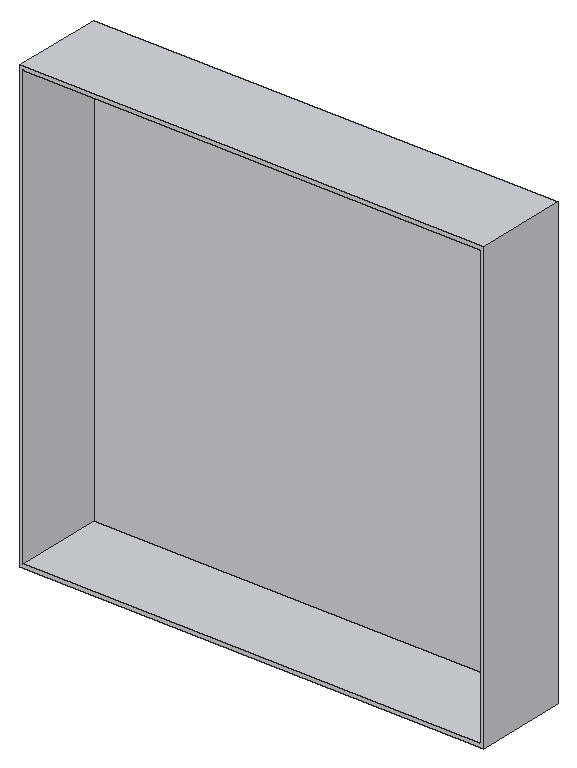
Revit family "Typ.B_TP&N_Cable_Spreader_Boxes_125A-empty-NoHosted-UK-en", category Electrical Equipment, Revit 2020
Family settings
  Panel Configuration = Two Columns, Circuits Across
  Round Connector Dimension = Use Diameter
  Part Type = Panelboard
  Work Plane-Based = Yes
  Always vertical = Yes
  Cut with Voids When Loaded = No
  Shared = No
  Room Calculation Point = No
Parameters (values of type "Surface mounted P2XC W465 H450 D91.5 0 Modular spacings - JK102LE")
  Width Control [instance] = if([HG000006 - Flush mounted], if([EF000846 - Built-in width] > min_whd, [EF000846 - Built-in width], min_whd), if([EF000008 - Width] > min_whd, ([EF000008 - Width]), min_whd))  # 465 mm
  Void Depth [instance] = if([EF000218 - Built-in depth] > 1 mm, [EF000218 - Built-in depth], 1 mm)  # 1 mm
  Type Comments = [HG000003 - Range]  # "Type B TP&N Distribution Boards"
  System Height [instance] = Height Control - 2 * [HG000005 - Thickness]  # 444 mm
  Panel Name [instance] = ""  # (empty or 0)
  Offset [instance] = 0 mm
  Model = [HG000004 - Manufacturer reference]  # "JK102LE"
  Level Offset [instance] = [Flush Mounted - Door Frame Width] + Offset  # 0 mm
  HG000017 - Distance between poles = 18 mm
  HG000016 - Door 3d visibility [instance] = yes
  HG000015 - Clearance visibility [instance] = no
  HG000014 - Door on the right [instance] = yes
  HG000013 - Door on the left [instance] = not([HG000014 - Door on the right])  # no
  HG000012 - Door swing angle [instance] = 45.00°
  HG000011 - Empty rows from bottom = no
  HG000005 - Thickness = 3 mm  # constant formula
  Description = ""
  Default Elevation = 1219.2 mm
  Arrow Offset [instance] = Depth Control / 8  # 11.5 mm
  Arrow Height [instance] = Depth Control - Arrow Offset  # 80.5 mm
  Host Offset [instance] = if([HG000006 - Flush mounted], 0 mm, [EF000049 - Depth])  # 92 mm
  min_whd [instance] = (2 * [HG000005 - Thickness]) + 1 mm  # 7 mm
  Manufacturer = "Hager"  # constant formula
  Height Control [instance] = if([HG000006 - Flush mounted], if([EF000332 - Built-in height] > min_whd, [EF000332 - Built-in height], min_whd), if([EF000040 - Height] > min_whd, ([EF000040 - Height]), min_whd))  # 450 mm
  HG000010 - Asymmetric doors = no
  HG000009 - Double swing door = no
  HG000008 - Number of empty rows = 0
  HG000007 - Number of empty columns = 0
  HG000006 - Flush mounted = no
  HG000004 - Manufacturer reference = "JK102LE"
  HG000003 - Range = "Type B TP&N Distribution Boards"
  HG000002 - With door or cover = no
  HG000001 - Number of columns = 0
  Flush Mounted - Door Frame Width [instance] = if(([EF000040 - Height] - [EF000332 - Built-in height]) > 0 mm, if([HG000006 - Flush mounted], [EF000040 - Height] - [EF000332 - Built-in height], 0 mm), 0 mm)  # 0 mm
  EF015941 - Signal passing door = no
  EF015777 - Neutral terminal block = no
  EF015776 - Earthing terminal block = no
  EF009212 - Cover model = ""
  EF006306 - With lock = no
  EF006244 - Transparent cover/door = no
  EF005474 - Degree of protection (IP) = "EV009848 - IP2XC"
  EF004462 - Type of closure = "EV000154 - Other"
  EF002950 - Width in number of modular spacings = 0
  EF001596 - Material housing = "EV000179 - Steel"
  EF001134 - DIN-rail = no
  EF001131 - Internal depth = 0 mm
  EF001088 - Extension possible = no
  EF001062 - EMC-version = no
  EF000846 - Built-in width = 0 mm
  EF000339 - Type of cover = "EV005746 - Optional"
  EF000332 - Built-in height = 0 mm
  EF000266 - Number of rows = 0
  EF000218 - Built-in depth = 0 mm
  EF000118 - With mounting plate = no
  EF000116 - RAL-number = ""
  EF000049 - Depth = 92 mm
  EF000040 - Height = 450 mm
  EF000008 - Width = 465 mm
  EF000007 - Colour = "EV000154 - Other"
  EF000003 - Mounting method = "EV000384 - Surface mounted (plaster)"
  Depth Control [instance] = if([HG000006 - Flush mounted], if([EF000218 - Built-in depth] > 0 mm, [EF000218 - Built-in depth], 1 mm), if([EF000049 - Depth] > 0 mm, ([EF000049 - Depth]), 1 mm))  # 92 mm
Types (2, lengths in mm): name | System Height | Model | Height Control | HG000004 - Manufacturer reference | EF000040 - Height
  Surface mounted P2XC W465 H300 D91.5 0 Modular spacings - JK101SE | 294 | "JK101SE" | 300 | "JK101SE" | 300
  Surface mounted P2XC W465 H450 D91.5 0 Modular spacings - JK102LE | 444 | "JK102LE" | 450 | "JK102LE" | 450
Reference planes
  plane 1 "Center (Front/Back)": y = 0
  plane 2: z = 0
  plane 3 "Center (Left/Right)": x = 0
  plane 4: y = 3
  plane 5: y = 0
  plane 6: y = 0
  plane 7: z = 0
  plane 8: x = -232.5
  plane 9: x = 232.5
  plane 10: x = 229.5
  plane 11: x = -229.5
  plane 12: z = 0
  plane 13: z = 3
  plane 14: y = -87
  plane 15: y = -92
  plane 16: y = -3
  plane 17: z = 447
  plane 18: z = 450
  plane 19: z = 225
  plane 20: x = 0
  plane 21: y = -100
Forms (mm)
  Extrusion 1, solid
    sketch origin (-208.679, -4572, 0) x (-1, 0, 0) y (0, -1, 0)
      loop
        line (23.821, -4480) -> (-441.179, -4480) -> (-441.179, -4572) -> (23.821, -4572) -> (23.821, -4480)
    from 0 to 450 <- "Height Control"
  Extrusion 2, void
    sketch origin (-350.771, -92, 1219.2) x (1, 0, 0) y (0, 0, 1)
      loop
        line (121.271, -772.2) -> (121.271, -1216.2) -> (580.271, -1216.2) -> (580.271, -772.2) -> (121.271, -772.2)
    from 0 to -89
  Extrusion 3, solid, detail levels coarse+medium
    sketch origin (-350.771, -92, 1219.2) x (-1, 0, 0) y (0, 0, 1)
      loop
        line (-121.271, -772.2) -> (-580.271, -772.2) -> (-580.271, -1216.2) -> (-121.271, -1216.2) -> (-121.271, -772.2)
    from 0 to 3 <- "HG000005 - Thickness"
Cuts and joins
  Extrusion 2 cuts Extrusion 1
Dimensions and locks
  "Flush Mounted - Door Frame Width": plane 1 "Center (Front/Back)" to plane 6
  "HG000005 - Thickness": plane 4 to plane 6
  "HG000005 - Thickness": plane 8 to plane 11
  "HG000005 - Thickness": plane 9 to plane 10
  equal spacing: plane 8, plane 3 "Center (Left/Right)", plane 9
  "Width Control": plane 8 to plane 9
  locked: plane 14 to plane 15 at 5
  "Host Offset": plane 1 "Center (Front/Back)" to plane 15
  "Depth Control": plane 5 to plane 15
  "HG000005 - Thickness": plane 5 to plane 16
  "HG000005 - Thickness": plane 13 to plane 12
  "Level Offset": plane 12 to level
  "HG000005 - Thickness": plane 18 to plane 17
  "Height Control": plane 18 to plane 12
  "Arrow Offset": plane 5 to nested 4
  equal spacing: plane 18, plane 19, plane 12
  locked: connector elem to plane 19
  locked: connector elem to plane 3 "Center (Left/Right)"
  aligned and locked: nested 1 to plane 14
  aligned and locked: plane 3 "Center (Left/Right)" to nested 1
  aligned and locked: plane 3 "Center (Left/Right)" to nested 2
  aligned and locked: nested 2 to plane 15
  aligned and locked: plane 5 to Extrusion 1
  aligned and locked: Extrusion 3 sketch curve to plane 17
  aligned and locked: Extrusion 3 sketch curve to plane 11
  aligned and locked: Extrusion 3 sketch curve to plane 13
  aligned and locked: Extrusion 3 sketch curve to plane 10
  aligned and locked: Extrusion 2 sketch curve to plane 13
  aligned and locked: Extrusion 2 sketch curve to plane 10
  aligned and locked: Extrusion 2 sketch curve to plane 17
  aligned and locked: Extrusion 2 sketch curve to plane 11
  aligned and locked: plane 16 to Extrusion 2
  aligned and locked: plane 5 to Extrusion 1 sketch curve
  aligned and locked: plane 9 to Extrusion 1 sketch curve
  aligned and locked: plane 8 to Extrusion 1 sketch curve
  aligned and locked: plane 8 to nested 4
  aligned and locked: plane 8 to nested 3
  aligned and locked: nested 3 to plane 5
  aligned and locked: Extrusion 1 sketch curve to plane 15
  aligned and locked: Extrusion 2 to plane 15
Nested families
  nested 1: "Hager_Enclosure_System" at (0, -87, 3), Flush_Mounted <- "HG000006 - Flush mounted", Width <- "EF000008 - Width", Height <- "System Height", Width_Control <- "Width Control", Row_Module_Multiplicator <- "EF002950 - Width in number of modular spacings", Empty_Columns <- "HG000007 - Number of empty columns", Built-in_Width <- "EF000846 - Built-in width", Border <- "HG000005 - Thickness", Total_No_Empty_Rows <- "HG000008 - Number of empty rows", Depth <- "HG000005 - Thickness", Empty_Rows_From_Bottom <- "HG000011 - Empty rows from bottom", Distance_Between_Poles <- "HG000017 - Distance between poles", Rows_Count <- "EF000266 - Number of rows", Columns_Count <- "HG000001 - Number of columns", type "Hager_Enclosure_System", detail levels medium+fine
    with Width_Control 465 mm, Width 465 mm, Total_No_Rows 0, Total_No_Empty_Rows 0, Total_No_Columns 1, System_Width 459 mm, Rows_Count 0, Rows_Column 0, Row_Module_Multiplicator 0, Panel_4 no, Panel_3 no, Panel_2 no, Panel_1 no, No_Panels_Ctrl 1, Hide_Columns yes, Height 444 mm, Flush_Mounted no, Empty_Rows_From_Bottom no, Empty_Rows_Column 0, Empty_Columns 0, Distance_Between_Poles 18 mm, Depth 3 mm, Columns_Count 0, Column_Width 459 mm, Built-in_Width 0 mm, Border 3 mm
  nested 2: "Hager_Enclosure_Door" at (0, -92, 0), Double <- "HG000009 - Double swing door", Height_Ctrl <- "Height Control", Transparent <- "EF006244 - Transparent cover/door", Depth <- "EF000049 - Depth", Height <- "EF000040 - Height", Angle <- "HG000012 - Door swing angle", Door_Right <- "HG000014 - Door on the right", Assymetrical <- "HG000010 - Asymmetric doors", Flush_Mounted <- "HG000006 - Flush mounted", BuiltIn_Depth <- "EF000218 - Built-in depth", BuiltIn_Width <- "EF000846 - Built-in width", Door <- "HG000002 - With door or cover", Width_Ctrl <- "Width Control", 3d_Door <- "HG000016 - Door 3d visibility", Width <- "EF000008 - Width", Border <- "HG000005 - Thickness", BuiltIn_Height <- "EF000332 - Built-in height", Clearance <- "HG000015 - Clearance visibility", Door_Left <- "HG000013 - Door on the left", type "Hager_Enclosure_Door", detail levels medium+fine
    with min_wh 7 mm, Width_Ctrl 465 mm, Width 465 mm, Transparent_Door_No_Bottom_Border no, Transparent no, Leaf_Width 456 mm, Leaf_Tolerance 1.5 mm, Leaf_Height 441 mm, Leaf_2_Width 456 mm, Leaf_2_Offset 228 mm, Leaf_1_Width 456 mm, Leaf_1_Offset 228 mm, Height_Ctrl 450 mm, Height 450 mm, Frame_Width_Ctrl 465 mm, Frame_Width 465 mm, Frame_Internal_Offset 0 mm, Frame_Height_Ctrl 450 mm, Frame_Height 450 mm, Frame_Depth_Ctrl 1 mm, Frame_Depth 0 mm, Flush_Mounted no, Double_Clearance_Ctrl no, Double no, Door_Right_Ctrl no, Door_Right yes, Door_Left_Ctrl no, Door_Left no, Door no, Depth 92 mm, Clearance_Depth 456 mm, Clearance_Ctrl no, Clearance no, BuiltIn_Width 0 mm, BuiltIn_Height 0 mm, BuiltIn_Depth 0 mm, Border 3 mm, Assymetrical no, Angle 45.00°, 3d_Door yes
  nested 3: "Hager_Enclosure_Symbol_Triangle" at (-232.5, 0, 0), Depth <- "Depth Control", Width <- "Width Control", type "Hager_Enclosure_Symbol_Triangle"
    with Width_Ctrl 465 mm, Width 465 mm, Depth_Ctrl 92 mm, Depth 92 mm
  nested 4: "Hager_Enclosure_Symbol_Arrow" at (-232.5, -11.5, 0), Height <- "Arrow Height", type "Hager_Enclosure_Symbol_Arrow"
    with Width_Inside 6.038 mm, Width 72.45 mm, Height_Ctrl 80.5 mm, Height 80.5 mm
Connectors
  electrical at (0, 0, 225)
    settings: on plane 5, index 1, voltage 0 V, apparent load 0 VA, apparent load phase1 0 VA, apparent load phase2 0 VA, apparent load phase3 0 VA, power factor 1, load classification "Other", number of poles 1, system type 30, power factor state 1, is connector primary yes, connector utility no, sub classification motor no, connector description ""
Definition of nested family "Hager_Enclosure_Door"
  Parameters (values of type "Hager_Enclosure_Door")
    min_wh [instance] = (2 * Border) + 1 mm  # 11 mm
    Width_Ctrl [instance] = 400 mm
    Width [instance] = 500 mm
    Transparent_Door_No_Bottom_Border [instance] = no
    Transparent [instance] = yes
    Leaf_Width [instance] = if((Width_Ctrl - 2 * Border - 2 * Leaf_Tolerance) > 0 mm, (Width_Ctrl - 2 * Border - 2 * Leaf_Tolerance), min_wh)  # 387 mm
    Leaf_Tolerance [instance] = 1.5 mm  # constant formula
    Leaf_Height [instance] = if((Height_Ctrl - 2 * Border - 2 * Leaf_Tolerance) > 0 mm, (Height_Ctrl - 2 * Border - 2 * Leaf_Tolerance), min_wh)  # 387 mm
    Leaf_2_Width [instance] = if(and(and(Double, Assymetrical), Door_Left), (Leaf_Width / 3) - (Leaf_Tolerance / 2), if(and(and(Double, Assymetrical), Door_Right), (Leaf_Width / 3) * 2 - (Leaf_Tolerance / 2), if(and(Double, not(Assymetrical)), (Leaf_Width / 2) - Leaf_Tolerance, Leaf_Width)))  # 387 mm
    Leaf_2_Offset [instance] = if(and(Double, Assymetrical), Leaf_2_Width / 2, if(and(Double, not(Assymetrical)), Leaf_Width / 4, Leaf_Width / 2))  # 193.5 mm
    Leaf_1_Width [instance] = if(and(and(Double, Assymetrical), Door_Right), (Leaf_Width / 3) - (Leaf_Tolerance / 2), if(and(and(Double, Assymetrical), Door_Left), (Width / 3) * 2 - (Leaf_Tolerance / 2), if(and(Double, not(Assymetrical)), (Leaf_Width / 2) - Leaf_Tolerance, Leaf_Width)))  # 387 mm
    Leaf_1_Offset [instance] = if(and(Double, Assymetrical), Leaf_1_Width / 2, if(and(Double, not(Assymetrical)), Leaf_Width / 4, Leaf_Width / 2))  # 193.5 mm
    Height_Ctrl [instance] = 400 mm
    Height [instance] = 500 mm
    Frame_Width_Ctrl [instance] = if(Frame_Width > 0 mm, Frame_Width, 1 mm)  # 1 mm
    Frame_Width [instance] = Width - BuiltIn_Width  # 0 mm
    Frame_Internal_Offset [instance] = if(Flush_Mounted, Border, 0 mm)  # 5 mm
    Frame_Height_Ctrl [instance] = if(Frame_Height > 0 mm, Frame_Height, 1 mm)  # 1 mm
    Frame_Height [instance] = Height - BuiltIn_Height  # 0 mm
    Frame_Depth_Ctrl [instance] = if(Frame_Depth > 0 mm, Frame_Depth, 1 mm)  # 1 mm
    Frame_Depth [instance] = if(Depth - BuiltIn_Depth > 0 mm, if(Flush_Mounted, Depth - BuiltIn_Depth, 0 mm), 0 mm)  # 0 mm
    Flush_Mounted [instance] = yes
    Double_Clearance_Ctrl [instance] = and(Double, Clearance)  # no
    Double [instance] = no
    Door_Right_Ctrl [instance] = and(or(Door_Right, Double), Door)  # yes
    Door_Right [instance] = yes
    Door_Left_Ctrl [instance] = and(or(Door_Left, Double), Door)  # no
    Door_Left [instance] = no
    Door [instance] = yes
    Depth [instance] = 500 mm
    Default Elevation = 1219.2 mm
    Clearance_Material = none
    Clearance_Depth [instance] = if(Leaf_1_Width > Leaf_2_Width, Leaf_1_Width, Leaf_2_Width)  # 387 mm
    Clearance_Ctrl [instance] = and(not(Double), Clearance)  # yes
    Clearance [instance] = yes
    BuiltIn_Width [instance] = 500 mm
    BuiltIn_Height [instance] = 500 mm
    BuiltIn_Depth [instance] = 500 mm
    Border [instance] = 5 mm
    Assymetrical [instance] = yes
    Angle [instance] = 30.00°
    3d_Door [instance] = yes
  Reference planes
    plane 1 "Center (Front/Back)": y = 0
    plane 2 "Bottom": z = 0
    plane 3 "Center (Left/Right)": x = 0
    plane 4: z = 400
    plane 5: x = -200
    plane 6: x = 200
    plane 7: z = 395
    plane 8: x = -195
    plane 9: z = 5
    plane 10: x = 195
    plane 11: y = 0
    plane 12: z = 6.5
    plane 13: x = -582
    plane 14: y = -387
    plane 15: x = 582
    plane 16: x = 0
    plane 17: x = 0
    plane 18: x = -193.5
    plane 19: x = 193.5
    plane 20: z = 393.5
  Forms (mm)
    Extrusion 1, solid, visible <- "Flush_Mounted"
      sketch origin (0, 0, 0) x (1, 0, 0) y (0, 0, 1)
        loop
          line (195, 5) -> (195, 395) -> (-195, 395) -> (-195, 5) -> (195, 5)
        loop
          line (-201, 401) -> (-201, -1) -> (201, -1) -> (201, 401) -> (-201, 401)
      from 0 to 1 <- "Frame_Depth_Ctrl"
    Extrusion 2, solid, material <- "Clearance_Material", visible <- "Double_Clearance_Ctrl"
      sketch origin (1200, 0, 0) x (1, 0, 0) y (0, 0, -1)
        loop
          line (-1782, -393.5) -> (-618, -393.5) -> (-618, 0) -> (-1782, 0) -> (-1782, -393.5)
      from 0 to -387
  Dimensions and locks
    equal spacing: plane 5, plane 3 "Center (Left/Right)", plane 6
    "Width_Ctrl": plane 5 to plane 6
    "Border": plane 5 to plane 8
    "Border": plane 6 to plane 10
    "Border": plane 9 to level
    "Border": plane 4 to plane 7
    "Height_Ctrl": plane 4 to level
    "Leaf_Tolerance": plane 12 to plane 9
    "Frame_Depth": plane 11 to plane 1 "Center (Front/Back)"
    "Frame_Width_Ctrl": plane 5 to Extrusion 1 sketch curve
    "Frame_Width_Ctrl": plane 6 to Extrusion 1 sketch curve
    "Frame_Width_Ctrl": Extrusion 1 sketch curve to plane 4
    "Frame_Width_Ctrl": plane 2 "Bottom" to Extrusion 1 sketch curve
    "Leaf_1_Offset": plane 18 to plane 16
    "Leaf_2_Offset": plane 17 to plane 19
    "Leaf_1_Width": plane 13 to plane 8
    "Leaf_2_Width": plane 10 to plane 15
    "Clearance_Depth": plane 14 to plane 1 "Center (Front/Back)"
    "Leaf_Tolerance": plane 8 to plane 18
    "Leaf_Tolerance": plane 19 to plane 10
    "Leaf_Tolerance": plane 7 to plane 20
    "Frame_Internal_Offset": plane 5 to Extrusion 1 sketch curve
    "Frame_Internal_Offset": Extrusion 1 sketch curve to plane 2 "Bottom"
    "Frame_Internal_Offset": plane 6 to Extrusion 1 sketch curve
    "Frame_Internal_Offset": plane 4 to Extrusion 1 sketch curve
    aligned and locked: level to plane 2 "Bottom"
    aligned and locked: nested 1 to plane 16
    aligned and locked: nested 2 to plane 17
    aligned and locked: Extrusion 2 to plane 13
    aligned and locked: plane 15 to Extrusion 2
    aligned and locked: Extrusion 2 to plane 14
    aligned and locked: plane 12 to nested 1
    aligned and locked: nested 2 to plane 12
    aligned and locked: Extrusion 2 to plane 11
    aligned and locked: plane 20 to Extrusion 2
    aligned and locked: nested 2 to plane 11
    aligned and locked: nested 1 to plane 11
  Automatic sketch dimensions
    Extrusion 2 sketch curve to level = 0 mm
    plane 5 to Extrusion 2 sketch curve = 382 mm
    plane 6 to Extrusion 2 sketch curve = 382 mm
    Extrusion 2 sketch curve to plane 4 = 6.5 mm
  Nested families
    nested 1: "Hager_Enclosure_Door_Leaf" at (0, 0, 6.5), Width <- "Leaf_1_Width", visible <- "Door_Left_Ctrl", Leaf_Height <- "Leaf_Height", Angle <- "Angle", Depth <- "Border", 3d_Door <- "3d_Door", Transparent <- "Transparent", Clearance Material <- "Clearance_Material", Clearance <- "Clearance_Ctrl", Transparent_Door_No_Bottom_Border <- "Transparent_Door_No_Bottom_Border", type "Hager_Enclosure_Door_Leaf"
      with Width 387 mm, Transparent_Door_No_Bottom_Border no, Transparent_Door_Border_Bottom_Top 25 mm, Transparent_Door_Border 25 mm, Transparent_Ctrl yes, Transparent yes, Standard no, Leaf_Height 387 mm, Glass_Offset 1 mm, Depth 5 mm, Clearance Material none, Clearance yes, Angle_Ctrl 30.00°, Angle 30.00°, 3d_Door yes
    nested 2: "Hager_Enclosure_Door_Leaf" at (0, 0, 6.5) x (-1, 0, 0) z (0, 0, 1), Width <- "Leaf_2_Width", visible <- "Door_Right_Ctrl", Leaf_Height <- "Leaf_Height", Angle <- "Angle", Depth <- "Border", 3d_Door <- "3d_Door", Transparent <- "Transparent", Clearance Material <- "Clearance_Material", Clearance <- "Clearance_Ctrl", Transparent_Door_No_Bottom_Border <- "Transparent_Door_No_Bottom_Border", type "Hager_Enclosure_Door_Leaf"
      with Width 387 mm, Transparent_Door_No_Bottom_Border no, Transparent_Door_Border_Bottom_Top 25 mm, Transparent_Door_Border 25 mm, Transparent_Ctrl yes, Transparent yes, Standard no, Leaf_Height 387 mm, Glass_Offset 1 mm, Depth 5 mm, Clearance Material none, Clearance yes, Angle_Ctrl 30.00°, Angle 30.00°, 3d_Door yes
  Definition of nested family "Hager_Enclosure_Door_Leaf"
    Parameters (values of type "Hager_Enclosure_Door_Leaf")
      Width [instance] = 2000 mm
      Transparent_Door_No_Bottom_Border [instance] = yes
      Transparent_Door_Border_Bottom_Top [instance] = if(Transparent_Door_No_Bottom_Border, 0.1 mm, Transparent_Door_Border)  # 0.1 mm
      Transparent_Door_Border [instance] = if(Transparent_Door_No_Bottom_Border, (Width * 0.12), 25 mm)  # 240 mm
      Transparent_Ctrl [instance] = and(Transparent, [3d_Door])  # yes
      Transparent [instance] = yes
      Standard [instance] = and(not(Transparent), [3d_Door])  # no
      Leaf_Height [instance] = 2720.336 mm
      Glass_Offset [instance] = if((Depth - 10 mm) / 2 > 0 mm, (Depth - 10 mm) / 2, 1 mm)  # 15 mm
      Glass_Material = none
      Depth [instance] = 40 mm
      Default Elevation = 0 mm
      Clearance Material [instance] = none
      Clearance [instance] = yes
      Angle_Ctrl [instance] = if(Angle > 170.00°, 170.00°, Angle)  # 45.00°
      Angle [instance] = 45.00°
      3d_Door [instance] = yes
    Reference planes
      plane 1 "Center (Front/Back)": y = 0
      plane 2: z = 0
      plane 3 "Center (Left/Right)": x = 0
      plane 4: y = 2000
      plane 5: x = -1000
      plane 6: x = 1000
      plane 7: x = -3000
      plane 8: z = 2720.336
      plane 9: z = 0.1
      plane 10: z = 2720.236
      plane 11: x = 760
      plane 12: x = -760
    Forms (mm)
      Extrusion 1, solid, material <- "Clearance Material", visible <- "Clearance"
        sketch origin (0, 0, 0) x (1, 0, 0) y (0, 0, 1)
          loop
            line (-3000, 2720.336) -> (-3000, 0) -> (1000, 0) -> (1000, 2720.336) -> (-3000, 2720.336)
        from 0 to -2000
      Extrusion 2, solid, visible <- "Standard", detail levels medium+fine
        sketch origin (-1000, 0, 0) x (0.707107, 0.707107, 0) y (-0.707107, 0.707107, 0)
          loop
            line (0, -40) -> (2000, -40) -> (2000, 0) -> (0, 0) -> (0, -40)
        from 0 to 2720.336 <- "Leaf_Height"
      Extrusion 3, solid, visible <- "Transparent_Ctrl", detail levels medium+fine
        sketch origin (-1000, 0, 0) x (0.707107, 0.707107, 0) y (-0.707107, 0.707107, 0)
          loop
            line (0, -40) -> (2000, -40) -> (2000, 0) -> (0, 0) -> (0, -40)
        from 0 to 2720.336 <- "Leaf_Height"
      Extrusion 4, void, detail levels medium+fine
        sketch origin (-1000, 0, 0) x (-0.707107, 0.707107, 0) y (0.707107, 0.707107, 0)
          loop
            line (0, 240) -> (0, 1760) -> (-40, 1760) -> (-40, 240) -> (0, 240)
        from -2720.236 to -0.1
      Extrusion 5, solid, material <- "Glass_Material", visible <- "Transparent_Ctrl", detail levels medium+fine
        sketch origin (-1000, 0, 0) x (0.707107, 0.707107, 0) y (-0.707107, 0.707107, 0)
          loop
            line (240, -15) -> (240, -25) -> (1760, -25) -> (1760, -15) -> (240, -15)
        from 0.1 to 2720.236
    Cuts and joins
      Extrusion 4 cuts Extrusion 3
    Lines and regions (mm)
      symbolic lines
        curve 1: line (1000, 0, 0) -> (-3000, 0, 0)
        curve 2: arc (1000, 0, 0) -> (-1000, 2000, 0) -> (-3000, 0, 0) r 2000
        curve 4: line (-1000, 0, 0) -> (414.214, 1414.214, 0)
      reference lines
        curve 3: line (-1000, 0, 0) -> (414.214, 1414.214, 0)
      symbolic lines, detail levels medium+fine
        curve 5: line (414.214, 1414.214, 0) -> (442.498, 1385.929, 0)
        curve 6: line (442.498, 1385.929, 0) -> (-971.716, -28.284, 0)
        curve 7: line (-971.716, -28.284, 0) -> (-1000, 0, 0)
        curve 8: line (-1000, 0, 2720.336) -> (1000, 0, 2720.336)
        curve 9: line (-1000, 0, 0) -> (-1000, 0, 2720.336)
        curve 10: line (1000, 0, 0) -> (-1000, 0, 0)
        curve 11: line (1000, 0, 2720.336) -> (1000, 0, 0)
      symbolic lines, visible <- "Transparent_Ctrl", detail levels medium+fine
        curve 12: line (-760, 0, 2720.236) -> (760, 0, 2720.236)
        curve 13: line (-760, 0, 0.1) -> (-760, 0, 2720.236)
        curve 14: line (760, 0, 0.1) -> (-760, 0, 0.1)
        curve 15: line (760, 0, 2720.236) -> (760, 0, 0.1)
    Dimensions and locks
      "Width": plane 1 "Center (Front/Back)" to plane 4
      equal spacing: plane 5, plane 3 "Center (Left/Right)", plane 6
      "Width": plane 5 to plane 6
      "Width": plane 7 to plane 5
      "Leaf_Height": plane 8 to level
      "Depth": curve 6 to curve 3
      "Width": curve 5 to curve 3
      "Width": curve 3 to curve 3
      "Transparent_Door_Border": Extrusion 4 sketch curve to curve 7
      "Transparent_Door_Border": Extrusion 4 sketch curve to curve 5
      "Transparent_Door_Border_Bottom_Top": plane 8 to plane 10
      "Transparent_Door_Border_Bottom_Top": plane 9 to level
      "Glass_Offset": Extrusion 5 sketch curve to curve 4
      "Glass_Offset": Extrusion 5 sketch curve to curve 6
      "Transparent_Door_Border": Extrusion 5 sketch curve to curve 5
      "Transparent_Door_Border": Extrusion 5 sketch curve to curve 7
      "Transparent_Door_Border": plane 12 to plane 5
      "Transparent_Door_Border": plane 6 to plane 11
      "Angle_Ctrl": angle plane 1 "Center (Front/Back)" to curve 3
      aligned and locked: level to plane 2
      aligned and locked: Extrusion 1 to curve 1
      aligned and locked: plane 6 to Extrusion 1
      aligned and locked: Extrusion 1 to plane 1 "Center (Front/Back)"
      aligned and locked: plane 4 to Extrusion 1
      aligned and locked: plane 8 to Extrusion 1
      aligned and locked: curve 4 to curve 3
      aligned and locked: Extrusion 2 sketch curve to curve 7
      aligned and locked: Extrusion 2 sketch curve to curve 6
      aligned and locked: Extrusion 2 sketch curve to curve 5
      aligned and locked: Extrusion 2 sketch curve to curve 3
      aligned and locked: curve 7 to Extrusion 3 sketch curve
      aligned and locked: Extrusion 3 sketch curve to curve 4
      aligned and locked: Extrusion 3 sketch curve to curve 6
      aligned and locked: Extrusion 3 sketch curve to curve 5
      aligned and locked: curve 4 to Extrusion 4 sketch curve
      aligned and locked: curve 6 to Extrusion 4 sketch curve
      aligned and locked: Extrusion 4 to plane 9
      aligned and locked: Extrusion 4 to plane 10
      aligned and locked: Extrusion 5 to plane 9
      aligned and locked: Extrusion 5 to plane 10
      aligned and locked: curve 8 to plane 8
      aligned and locked: plane 5 to curve 9
      aligned and locked: plane 2 to curve 10
      aligned and locked: curve 11 to plane 6
      aligned and locked: plane 10 to curve 12
      aligned and locked: plane 12 to curve 13
      aligned and locked: curve 14 to plane 9
      aligned and locked: plane 11 to curve 15
    Automatic sketch dimensions
      plane 1 "Center (Front/Back)" to curve 2 = 0 mm
      curve 2 to plane 5 = 0 mm
      Extrusion 1 sketch curve to level = 0 mm
      Extrusion 1 sketch curve to plane 7 = 0 mm
      Extrusion 1 sketch curve to plane 6 = 0 mm
      Extrusion 1 sketch curve to plane 8 = 0 mm
      plane 1 "Center (Front/Back)" to curve 3 = 0 mm
      curve 3 to plane 5 = 0 mm
      curve 7 to curve 3 = 0 mm
Definition of nested family "Hager_Enclosure_Symbol_Triangle"
  Parameters (values of type "Hager_Enclosure_Symbol_Triangle")
    Width_Ctrl [instance] = if(Width > 1 mm, Width, 1 mm)  # 498 mm
    Width [instance] = 498 mm
    Depth_Ctrl [instance] = if(Depth > 1 mm, Depth, 1 mm)  # 72 mm
    Depth [instance] = 72 mm
  Reference planes
    plane 1 "Centre (avant/arrière)": y = 0
    plane 2: z = 0
    plane 3 "Centre (gauche/droite)": x = 0
  Lines and regions (mm)
    Filled region 1, type "Solid_Black", in view "Niveau de réf."
      outline origin (0, 0, 0) x (1, 0, 0) y (0, 1, 0)
        loop
          line (0, 0) -> (498, 0) -> (498, 72) -> (0, 0)
    reference lines, in view "Niveau de réf."
      curve 1: line (-206.153, 72, 0) -> (1083.258, 72, 0)
      curve 2: line (498, 405.456, 0) -> (498, -517.619, 0)
  Dimensions and locks
    "Depth_Ctrl": plane 1 "Centre (avant/arrière)" to curve 1
    "Width_Ctrl": plane 3 "Centre (gauche/droite)" to curve 2
    aligned and locked: curve 1 to Filled region 1 sketch curve
    aligned and locked: Filled region 1 sketch curve to plane 1 "Centre (avant/arrière)"
    aligned and locked: curve 2 to Filled region 1 sketch curve
    aligned and locked: plane 3 "Centre (gauche/droite)" to Filled region 1 sketch curve
    aligned and locked: plane 1 "Centre (avant/arrière)" to Filled region 1 sketch curve
  Automatic sketch dimensions
    curve 1 to plane 3 "Centre (gauche/droite)" = 206.153 mm
    curve 2 to curve 1 = 585.258 mm
    plane 1 "Centre (avant/arrière)" to curve 2 = 517.619 mm
    curve 2 to plane 1 "Centre (avant/arrière)" = 405.456 mm
Definition of nested family "Hager_Enclosure_Symbol_Arrow"
  Parameters (values of type "Hager_Enclosure_Symbol_Arrow")
    Width_Inside [instance] = if(Width / 12 > 2 mm, Width / 12, 2 mm)  # 4.987 mm
    Width [instance] = if(Height_Ctrl * 0.9 > 2 mm, Height_Ctrl * 0.9, 2 mm)  # 59.85 mm
    Height_Ctrl [instance] = if(Height > 2 mm, Height, 2 mm)  # 66.5 mm
    Height [instance] = 66.5 mm
  Reference planes
    plane 1 "Centre (avant/arrière)": y = 0
    plane 2: z = 0
    plane 3 "Centre (gauche/droite)": x = 0
    plane 4: x = 59.85
    plane 5: y = 28.263
    plane 6: y = 38.238
    plane 7: y = 66.5
    plane 8: x = 29.925
    plane 9: y = 33.25
  Lines and regions (mm)
    Filled region 1, type "Solid_Black", in view "Niveau de réf."
      outline origin (0, 0, 0) x (1, 0, 0) y (0, 1, 0)
        loop
          line (59.85, 66.5) -> (37.929, 52.827) -> (51.846, 41.935) -> (59.85, 66.5)
    detail lines, in view "Niveau de réf."
      curve 1: line (0, 0, 0) -> (29.925, 38.238, 0)
      curve 2: line (29.925, 38.238, 0) -> (29.925, 28.263, 0)
      curve 3: line (29.925, 28.263, 0) -> (59.85, 66.5, 0)
  Dimensions and locks
    "Width": plane 3 "Centre (gauche/droite)" to plane 4
    "Height_Ctrl": plane 7 to plane 1 "Centre (avant/arrière)"
    equal spacing: plane 3 "Centre (gauche/droite)", plane 8, plane 4
    equal spacing: plane 7, plane 9, plane 1 "Centre (avant/arrière)"
    equal spacing: plane 6, plane 9, plane 5
    "Width_Inside": plane 6 to plane 9
    equal spacing: curve 3, Filled region 1 sketch curve, Filled region 1 sketch curve
    angle Filled region 1 sketch curve to curve 3 = 20.00°
    angle curve 3 to Filled region 1 sketch curve = 20.00°
    locked: curve 3 to Filled region 1 sketch curve (angle 90.00°)
  Automatic sketch dimensions
    plane 1 "Centre (avant/arrière)" to curve 1 = 0 mm
    curve 1 to plane 3 "Centre (gauche/droite)" = 0 mm
    curve 2 to plane 6 = 0 mm
    curve 3 to plane 8 = 0 mm
    curve 3 to plane 4 = 0 mm
    curve 2 to plane 5 = 0 mm
    curve 3 to plane 7 = 0 mm
    Filled region 1 sketch curve to plane 4 = 0 mm
    Filled region 1 sketch curve to plane 7 = 0 mm
